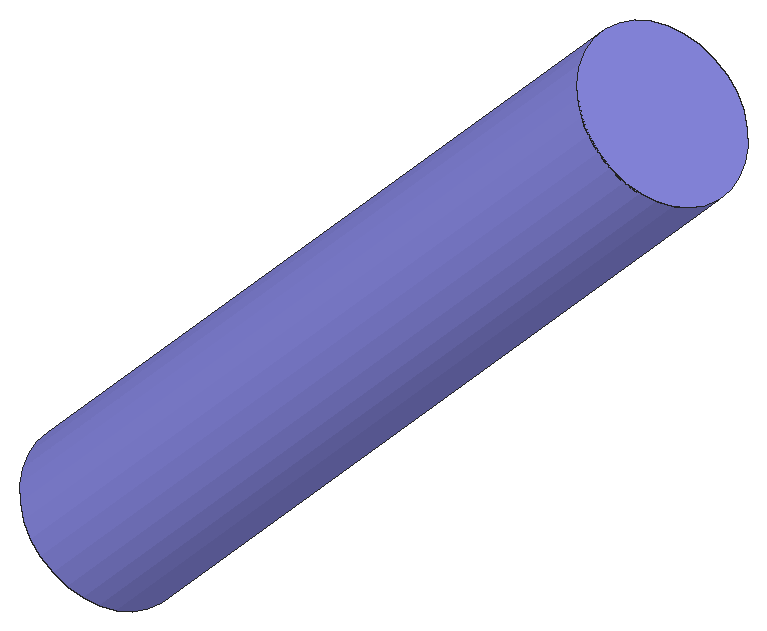
Revit family "配管サポート_鋼管（STK）", category Generic Models, Revit 2023
Family settings
  Can host rebar = No
  Round Connector Dimension = Use Diameter
  Part Type = Normal
  Work Plane-Based = Yes
  Always vertical = No
  Cut with Voids When Loaded = No
  Maintain Annotation Orientation = No
  Shared = No
  Room Calculation Point = No
Parameters (values of type "STK 101.6mm")
  長辺 [instance] = 長さ  # 500 mm
  長さ [instance] = 500 mm
  部屋名 = ""
  角度 [instance] = 45.00°
  直径 = 101.6 mm
  Default Elevation = 1219.2 mm
  構造マテリアル = E102_配管サポート
  半径 = 直径 / 2  # 50.8 mm
Types (29, lengths in mm): name | 直径 | 半径
  STK 101.6mm | 101.6 | 50.8
  STK 1016.0mm | 1016 | 508
  STK 114.3mm | 114.3 | 57.15
  STK 139.8mm | 139.8 | 69.9
  STK 165.2mm | 165.2 | 82.6
  STK 190.7mm | 190.7 | 95.35
  STK 21.7mm | 21.7 | 10.85
  STK 216.3mm | 216.3 | 108.15
  STK 267.4mm | 267.4 | 133.7
  STK 27.2mm | 27.2 | 13.6
  STK 318.5mm | 318.5 | 159.25
  STK 34.0mm | 34 | 17
  STK 355.6mm | 355.6 | 177.8
  STK 406.4mm | 406.4 | 203.2
  STK 42.7mm | 42.7 | 21.35
  STK 457.2mm | 457.2 | 228.6
  STK 48.6mm | 48.6 | 24.3
  STK 500.0mm | 500 | 250
  STK 508.0mm | 508 | 254
  STK 558.8mm | 558.8 | 279.4
  STK 60.5mm | 60.5 | 30.25
  STK 600.0mm | 600 | 300
  STK 609.6mm | 609.6 | 304.8
  STK 700.0mm | 700 | 350
  STK 711.2mm | 711.2 | 355.6
  STK 76.3mm | 76.3 | 38.15
  STK 812.8mm | 812.8 | 406.4
  STK 89.1mm | 89.1 | 44.55
  STK 914.4mm | 914.4 | 457.2
Reference planes
  plane 1 "中心(正面/背面)": y = 0
  plane 2: z = 0
  plane 3 "中心(左/右)": x = 0
Lines and regions (mm)
  reference lines
    curve 1: line (0, 0, 0) -> (848.528, 0, 848.528)
    curve 2: line (35.921, 0, -35.921) -> (-35.921, 0, 35.921)
    curve 3: line (389.474, 0, 317.632) -> (317.632, 0, 389.474)
Dimensions and locks
  equal spacing: curve 2, curve 1, curve 2
  "直径": curve 2 to curve 2
  equal spacing: curve 3, curve 1, curve 3
  "直径": curve 3 to curve 3
  "長さ": curve 3 to curve 2
  "角度": angle level to curve 1
  angle curve 2 to curve 1 = 90.00°
  angle curve 3 to curve 1 = 90.00°
  aligned and locked: level to plane 2
  aligned and locked: level to curve 1
  aligned and locked: plane 3 "中心(左/右)" to curve 1
  aligned and locked: nested 1 to curve 1
Nested families
  nested 1: "グレーチング_鋼管（STK）" at (0, 0, 0) x (0.7071, 0, -0.7071) z (0, -1, 0), 長さ <- "長さ", type "STK 21.7mm"
    with 長辺 500 mm, 長さ 500 mm
Definition of nested family "グレーチング_鋼管（STK）"
  Parameters (values of type "STK 21.7mm")
    長辺 [instance] = 長さ  # 1000 mm
    長さ [instance] = 1000 mm
    直径 = 101.6 mm
    Default Elevation = 1219.2 mm
    構造マテリアル = none
    半径 = 直径 / 2  # 50.8 mm
  Reference planes
    plane 1 "中心(正面/背面)": y = 0
    plane 2: z = 0
    plane 3 "中心(左/右)": x = 0
  Forms (mm)
    Extrusion 1, solid, material <- "構造マテリアル"
      sketch origin (0, 0, 0) x (1, 0, 0) y (0, 0, 1)
        loop
          circle (0, 0) r 50.8
      from -1000 to 0
  Lines and regions (mm)
    reference lines
      curve 1: line (50.8, 1000, 0) -> (-50.8, 1000, 0)
      curve 2: line (50.8, 0, 0) -> (-50.8, 0, 0)
  Dimensions and locks
    "長さ": curve 1 to curve 2
    "直径": curve 1 to curve 1
    equal spacing: curve 1, plane 3 "中心(左/右)", curve 1
    "直径": curve 2 to curve 2
    equal spacing: curve 2, plane 3 "中心(左/右)", curve 2
    "半径": radius of Extrusion 1 sketch curve
    aligned and locked: level to plane 2
    aligned and locked: Extrusion 1 to curve 1
    aligned and locked: Extrusion 1 to curve 2
  Automatic sketch dimensions
    Extrusion 1 sketch curve to level = 0 mm
    Extrusion 1 sketch curve to plane 3 "中心(左/右)" = 0 mm
    plane 1 "中心(正面/背面)" to curve 2 = 0 mm
